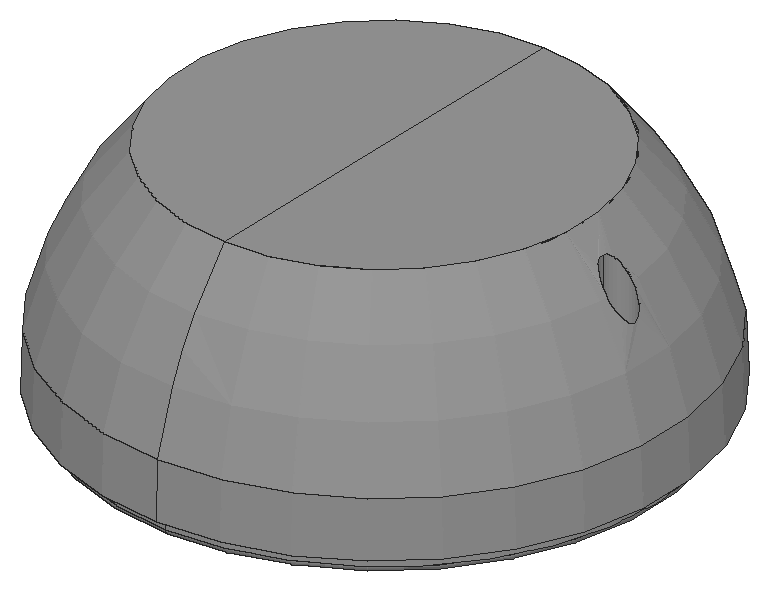
Revit family "EnvironmentalSensor", category Security Devices, host Face, Revit 2019
Family settings
  Host = Face
  Maintain Annotation Orientation = Yes
  Round Connector Dimension = Use Diameter
  Part Type = Normal
  Cut with Voids When Loaded = No
  Shared = No
  Room Calculation Point = Yes
Parameters (values of type "SV11")
  URL = "https://www.verkada.com/sensors/sv11/"
  Type Image = SV11.png
  Model = "SV11"
  Manufacturer = "VERKADA"  # constant formula
  Description = "ENVIRONMENTAL SENSOR"
  Default Elevation = 108"
Reference planes (in)
  plane 1 "Center (Front/Back)": y = 0
  plane 2: z = 0
  plane 3 "Center (Left/Right)": x = 0
Forms (in)
  Revolve 1, solid, material "Verkada Black"
    sketch origin (0, 0, 0) x (0, 0, -1) y (0, 1, 0)
      loop
        line (0, 0) -> (-0.17717, 0) -> (-0.17717, -2.75591) -> (-0.05901, -2.75591)
        arc (-0.05901, -2.75591) -> (-0.01728, -2.73863) -> (0, -2.6969) r 0.05901
        line (0, -2.6969) -> (0, 0)
      axis (0, 0) -> (-0.17717, 0)
    angle from 0 to 360
  Revolve 2, solid, material "Verkada White"
    sketch origin (0, 0, 0) x (0, 0, -1) y (0, 1, 0)
      loop
        line (-0.17717, 0) -> (-2.32609, 0) -> (-2.32609, -2.00787)
        arc (-2.32609, -2.00787) -> (-1.58562, -2.54064) -> (-0.72918, -2.85473) r 3.36186
        line (-0.72918, -2.85473) -> (-0.17717, -2.87401) -> (-0.17717, 0)
      axis (-0.17717, 0) -> (-2.32609, 0)
    angle from 0 to 360
  Extrusion 3, void
    sketch origin (0, 0, 0) x (1, 0, 0) y (0, 1, 0)
      loop
        circle (-2.36775, 0) r 0.16457
      loop
        circle (2.36775, 0) r 0.16457
    from 2.09413 to 0.72918
Cuts and joins
  Extrusion 3 cuts Revolve 2
Dimensions and locks (in)
  aligned and locked: plane 2 to host face
  aligned and locked: level to host face
Nested families (in)
  nested 1: "PlanSymbol_EnvironmentalSensor" at (0, 0, 0), type "Standard"
Connectors (in)
  electrical at (0, 0, 0)
    settings: index 2, voltage 0 V, apparent load 0 VA, apparent load phase1 0 VA, apparent load phase2 0 VA, apparent load phase3 0 VA, power factor 1, load classification "Other", number of poles 1, system type 5, power factor state 1, is connector primary yes, connector utility no, sub classification motor no, connector description ""
Definition of nested family "PlanSymbol_EnvironmentalSensor"
  Reference planes (in)
    plane 1: y = 0
    plane 2: x = 0
  Lines and regions (in)
    detail lines
      curve 1: circle (0, 0, 0) r 0.08943 normal (0, 0, 1)
  Text (in)
    text "S" at (-0.03582, 0.07699, 0)
